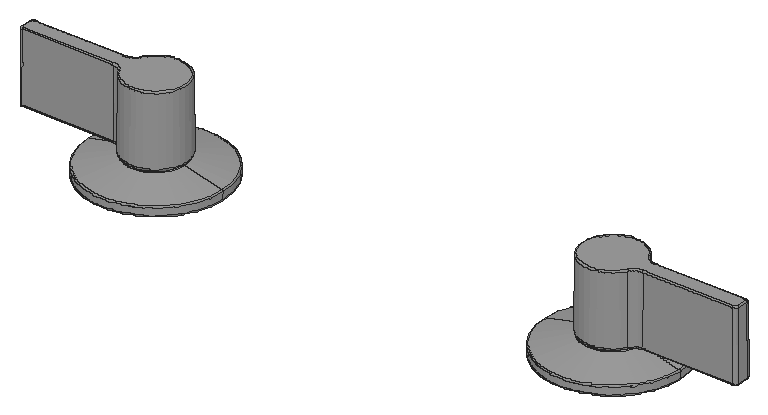
Revit family "Faucet-Handle-KOHLER-COMPONENTS-K-77981T", category Plumbing Fixtures, host Face, Revit 2017 (continued)
Definition of nested family "K-77981T"
  Lines and regions (in)
    symbolic lines, visible <- "T77981_9", detail levels medium+fine
      curve 125: spline (0, 1.33627, 1.71103) -> (0, 1.33073, 1.71252) -> (0, 1.32518, 1.71374) -> (0, 1.31963, 1.71469) -> (0, 1.31407, 1.71537) -> (0, 1.30851, 1.71578) -> (0, 1.30295, 1.71592) -> (0, 1.29739, 1.71578) -> (0, 1.29183, 1.71537) -> (0, 1.28628, 1.71469) -> (0, 1.28072, 1.71374) -> (0, 1.27518, 1.71252) -> (0, 1.26963, 1.71103)
      curve 126: spline (0, 1.26963, 1.71103) -> (0, 1.26149, 1.71252) -> (0, 1.25334, 1.71374) -> (0, 1.24518, 1.71469) -> (0, 1.23702, 1.71537) -> (0, 1.22885, 1.71578) -> (0, 1.22068, 1.71592) -> (0, 1.21252, 1.71578) -> (0, 1.20435, 1.71537) -> (0, 1.19618, 1.71469) -> (0, 1.18803, 1.71374) -> (0, 1.17988, 1.71252) -> (0, 1.17173, 1.71103)
      curve 127: spline (0, 1.17173, 1.71103) -> (0, 1.16119, 1.71252) -> (0, 1.15064, 1.71374) -> (0, 1.14008, 1.71469) -> (0, 1.12951, 1.71537) -> (0, 1.11893, 1.71578) -> (0, 1.10836, 1.71592) -> (0, 1.09778, 1.71578) -> (0, 1.08721, 1.71537) -> (0, 1.07664, 1.71469) -> (0, 1.06608, 1.71374) -> (0, 1.05552, 1.71252) -> (0, 1.04498, 1.71103)
      curve 128: spline (0, 1.04498, 1.71103) -> (0, 1.0323, 1.71252) -> (0, 1.01961, 1.71374) -> (0, 1.0069, 1.71469) -> (0, 0.99419, 1.71537) -> (0, 0.98146, 1.71578) -> (0, 0.96874, 1.71592) -> (0, 0.95602, 1.71578) -> (0, 0.9433, 1.71537) -> (0, 0.93058, 1.71469) -> (0, 0.91787, 1.71374) -> (0, 0.90518, 1.71252) -> (0, 0.8925, 1.71103)
      curve 129: spline (0, 0.8925, 1.71103) -> (0, 0.87799, 1.71252) -> (0, 0.86347, 1.71374) -> (0, 0.84893, 1.71469) -> (0, 0.83438, 1.71537) -> (0, 0.81983, 1.71578) -> (0, 0.80527, 1.71592) -> (0, 0.79071, 1.71578) -> (0, 0.77616, 1.71537) -> (0, 0.76161, 1.71469) -> (0, 0.74707, 1.71374) -> (0, 0.73255, 1.71252) -> (0, 0.71804, 1.71103)
      curve 130: spline (0, 0.71804, 1.71103) -> (0, 0.70206, 1.71252) -> (0, 0.68607, 1.71374) -> (0, 0.67005, 1.71469) -> (0, 0.65403, 1.71537) -> (0, 0.638, 1.71578) -> (0, 0.62197, 1.71592) -> (0, 0.60594, 1.71578) -> (0, 0.58991, 1.71537) -> (0, 0.57389, 1.71469) -> (0, 0.55787, 1.71374) -> (0, 0.54188, 1.71252) -> (0, 0.5259, 1.71103)
      curve 131: spline (0, 0.5259, 1.71103) -> (0, 0.50884, 1.71252) -> (0, 0.49177, 1.71374) -> (0, 0.47468, 1.71469) -> (0, 0.45758, 1.71537) -> (0, 0.44047, 1.71578) -> (0, 0.42336, 1.71592) -> (0, 0.40624, 1.71578) -> (0, 0.38913, 1.71537) -> (0, 0.37203, 1.71469) -> (0, 0.35494, 1.71374) -> (0, 0.33787, 1.71252) -> (0, 0.32081, 1.71103)
      curve 132: spline (0, 0.32081, 1.71103) -> (0, 0.3031, 1.71252) -> (0, 0.28537, 1.71374) -> (0, 0.26762, 1.71469) -> (0, 0.24986, 1.71537) -> (0, 0.23209, 1.71578) -> (0, 0.21432, 1.71592) -> (0, 0.19654, 1.71578) -> (0, 0.17877, 1.71537) -> (0, 0.16101, 1.71469) -> (0, 0.14327, 1.71374) -> (0, 0.12553, 1.71252) -> (0, 0.10782, 1.71103)
      curve 133: arc (0, 0.10782, 1.71103) -> (0, 0.05397, 1.7148) -> (0, 0, 1.71592) r 1.09873
      curve 134: line (0, 1.33627, 1.71103) -> (0, 1.33627, 1.19793)
      curve 135: line (0, 1.26963, 1.19793) -> (0, 1.26963, 1.71103)
      curve 136: line (0, 1.17173, 1.19793) -> (0, 1.17173, 1.71103)
      curve 137: line (0, 1.04498, 1.19793) -> (0, 1.04498, 1.71103)
      curve 138: line (0, 0.8925, 1.19793) -> (0, 0.8925, 1.71103)
      curve 139: line (0, 0.71804, 1.19793) -> (0, 0.71804, 1.71103)
      curve 140: line (0, 0.5259, 1.19793) -> (0, 0.5259, 1.71103)
      curve 141: line (0, 0.32081, 1.19793) -> (0, 0.32081, 1.71103)
      curve 142: line (0, 0.10782, 1.19793) -> (0, 0.10782, 1.71103)
      curve 143: line (0, -0.10782, 1.19793) -> (0, -0.10782, 1.71103)
      curve 144: line (0, -0.32081, 1.19793) -> (0, -0.32081, 1.71103)
      curve 145: line (0, -0.5259, 1.19793) -> (0, -0.5259, 1.71103)
      curve 146: line (0, -0.71804, 1.19793) -> (0, -0.71804, 1.71103)
      curve 147: line (0, -0.8925, 1.19793) -> (0, -0.8925, 1.71103)
      curve 148: line (0, -1.04498, 1.19793) -> (0, -1.04498, 1.71103)
      curve 149: line (0, -1.17173, 1.19793) -> (0, -1.17173, 1.71103)
      curve 150: line (0, -1.26963, 1.19793) -> (0, -1.26963, 1.71103)
      curve 151: line (0, -1.33627, 1.19793) -> (0, -1.33627, 1.71103)
      curve 152: spline (0, -1.37001, 1.71103) -> (0, -1.3672, 1.71252) -> (0, -1.36439, 1.71374) -> (0, -1.36158, 1.71469) -> (0, -1.35877, 1.71537) -> (0, -1.35595, 1.71578) -> (0, -1.35314, 1.71592) -> (0, -1.35032, 1.71578) -> (0, -1.34751, 1.71537) -> (0, -1.3447, 1.71469) -> (0, -1.34189, 1.71374) -> (0, -1.33908, 1.71252) -> (0, -1.33627, 1.71103)
      curve 153: spline (0, -1.33627, 1.71103) -> (0, -1.33073, 1.71252) -> (0, -1.32518, 1.71374) -> (0, -1.31963, 1.71469) -> (0, -1.31407, 1.71537) -> (0, -1.30851, 1.71578) -> (0, -1.30295, 1.71592) -> (0, -1.29739, 1.71578) -> (0, -1.29183, 1.71537) -> (0, -1.28628, 1.71469) -> (0, -1.28072, 1.71374) -> (0, -1.27518, 1.71252) -> (0, -1.26963, 1.71103)
      curve 154: spline (0, -1.26963, 1.71103) -> (0, -1.26149, 1.71252) -> (0, -1.25334, 1.71374) -> (0, -1.24518, 1.71469) -> (0, -1.23702, 1.71537) -> (0, -1.22885, 1.71578) -> (0, -1.22068, 1.71592) -> (0, -1.21252, 1.71578) -> (0, -1.20435, 1.71537) -> (0, -1.19618, 1.71469) -> (0, -1.18803, 1.71374) -> (0, -1.17988, 1.71252) -> (0, -1.17173, 1.71103)
      curve 155: spline (0, -1.17173, 1.71103) -> (0, -1.16119, 1.71252) -> (0, -1.15064, 1.71374) -> (0, -1.14008, 1.71469) -> (0, -1.12951, 1.71537) -> (0, -1.11893, 1.71578) -> (0, -1.10836, 1.71592) -> (0, -1.09778, 1.71578) -> (0, -1.08721, 1.71537) -> (0, -1.07664, 1.71469) -> (0, -1.06608, 1.71374) -> (0, -1.05552, 1.71252) -> (0, -1.04498, 1.71103)
      curve 156: spline (0, -1.04498, 1.71103) -> (0, -1.0323, 1.71252) -> (0, -1.01961, 1.71374) -> (0, -1.0069, 1.71469) -> (0, -0.99419, 1.71537) -> (0, -0.98146, 1.71578) -> (0, -0.96874, 1.71592) -> (0, -0.95602, 1.71578) -> (0, -0.9433, 1.71537) -> (0, -0.93058, 1.71469) -> (0, -0.91787, 1.71374) -> (0, -0.90518, 1.71252) -> (0, -0.8925, 1.71103)
      curve 157: spline (0, -0.8925, 1.71103) -> (0, -0.87799, 1.71252) -> (0, -0.86347, 1.71374) -> (0, -0.84893, 1.71469) -> (0, -0.83438, 1.71537) -> (0, -0.81983, 1.71578) -> (0, -0.80527, 1.71592) -> (0, -0.79071, 1.71578) -> (0, -0.77616, 1.71537) -> (0, -0.76161, 1.71469) -> (0, -0.74707, 1.71374) -> (0, -0.73255, 1.71252) -> (0, -0.71804, 1.71103)
      curve 158: spline (0, -0.71804, 1.71103) -> (0, -0.70206, 1.71252) -> (0, -0.68607, 1.71374) -> (0, -0.67005, 1.71469) -> (0, -0.65403, 1.71537) -> (0, -0.638, 1.71578) -> (0, -0.62197, 1.71592) -> (0, -0.60594, 1.71578) -> (0, -0.58991, 1.71537) -> (0, -0.57389, 1.71469) -> (0, -0.55787, 1.71374) -> (0, -0.54188, 1.71252) -> (0, -0.5259, 1.71103)
      curve 159: spline (0, -0.5259, 1.71103) -> (0, -0.50884, 1.71252) -> (0, -0.49177, 1.71374) -> (0, -0.47468, 1.71469) -> (0, -0.45758, 1.71537) -> (0, -0.44047, 1.71578) -> (0, -0.42336, 1.71592) -> (0, -0.40624, 1.71578) -> (0, -0.38913, 1.71537) -> (0, -0.37203, 1.71469) -> (0, -0.35494, 1.71374) -> (0, -0.33787, 1.71252) -> (0, -0.32081, 1.71103)
      curve 160: spline (0, -0.32081, 1.71103) -> (0, -0.3031, 1.71252) -> (0, -0.28537, 1.71374) -> (0, -0.26762, 1.71469) -> (0, -0.24986, 1.71537) -> (0, -0.23209, 1.71578) -> (0, -0.21432, 1.71592) -> (0, -0.19654, 1.71578) -> (0, -0.17877, 1.71537) -> (0, -0.16101, 1.71469) -> (0, -0.14327, 1.71374) -> (0, -0.12553, 1.71252) -> (0, -0.10782, 1.71103)
      curve 161: arc (0, -0.10782, 1.71103) -> (0, -0.05397, 1.7148) -> (0, 0, 1.71592) r 1.09873
      curve 162: arc (0, 0, 1.19358) -> (0, -0.05396, 1.19457) -> (0, -0.10782, 1.19793) r 1.22587
      curve 163: spline (0, -0.10782, 1.19793) -> (0, -0.12554, 1.1966) -> (0, -0.14328, 1.19551) -> (0, -0.16103, 1.19467) -> (0, -0.17878, 1.19406) -> (0, -0.19655, 1.1937) -> (0, -0.21432, 1.19358) -> (0, -0.23208, 1.1937) -> (0, -0.24985, 1.19406) -> (0, -0.26761, 1.19467) -> (0, -0.28536, 1.19551) -> (0, -0.30309, 1.1966) -> (0, -0.32081, 1.19793)
      curve 164: spline (0, -0.32081, 1.19793) -> (0, -0.33787, 1.1966) -> (0, -0.35495, 1.19551) -> (0, -0.37204, 1.19467) -> (0, -0.38914, 1.19406) -> (0, -0.40625, 1.1937) -> (0, -0.42336, 1.19358) -> (0, -0.44046, 1.1937) -> (0, -0.45757, 1.19406) -> (0, -0.47467, 1.19467) -> (0, -0.49176, 1.19551) -> (0, -0.50884, 1.1966) -> (0, -0.5259, 1.19793)
      curve 165: spline (0, -0.5259, 1.19793) -> (0, -0.54188, 1.1966) -> (0, -0.55788, 1.19551) -> (0, -0.5739, 1.19467) -> (0, -0.58992, 1.19406) -> (0, -0.60594, 1.1937) -> (0, -0.62197, 1.19358) -> (0, -0.638, 1.1937) -> (0, -0.65402, 1.19406) -> (0, -0.67004, 1.19467) -> (0, -0.68606, 1.19551) -> (0, -0.70205, 1.1966) -> (0, -0.71804, 1.19793)
      curve 166: spline (0, -0.71804, 1.19793) -> (0, -0.73255, 1.1966) -> (0, -0.74708, 1.19551) -> (0, -0.76162, 1.19467) -> (0, -0.77616, 1.19406) -> (0, -0.79072, 1.1937) -> (0, -0.80527, 1.19358) -> (0, -0.81982, 1.1937) -> (0, -0.83437, 1.19406) -> (0, -0.84892, 1.19467) -> (0, -0.86346, 1.19551) -> (0, -0.87798, 1.1966) -> (0, -0.8925, 1.19793)
      curve 167: spline (0, -0.8925, 1.19793) -> (0, -0.90518, 1.1966) -> (0, -0.91788, 1.19551) -> (0, -0.93059, 1.19467) -> (0, -0.9433, 1.19406) -> (0, -0.95602, 1.1937) -> (0, -0.96874, 1.19358) -> (0, -0.98146, 1.1937) -> (0, -0.99418, 1.19406) -> (0, -1.00689, 1.19467) -> (0, -1.0196, 1.19551) -> (0, -1.0323, 1.1966) -> (0, -1.04498, 1.19793)
      curve 168: spline (0, -1.04498, 1.19793) -> (0, -1.05553, 1.1966) -> (0, -1.06608, 1.19551) -> (0, -1.07664, 1.19467) -> (0, -1.08721, 1.19406) -> (0, -1.09778, 1.1937) -> (0, -1.10836, 1.19358) -> (0, -1.11893, 1.1937) -> (0, -1.1295, 1.19406) -> (0, -1.14007, 1.19467) -> (0, -1.15063, 1.19551) -> (0, -1.16119, 1.1966) -> (0, -1.17173, 1.19793)
      curve 169: spline (0, -1.17173, 1.19793) -> (0, -1.17988, 1.1966) -> (0, -1.18803, 1.19551) -> (0, -1.19619, 1.19467) -> (0, -1.20435, 1.19406) -> (0, -1.21252, 1.1937) -> (0, -1.22068, 1.19358) -> (0, -1.22885, 1.1937) -> (0, -1.23702, 1.19406) -> (0, -1.24518, 1.19467) -> (0, -1.25334, 1.19551) -> (0, -1.26149, 1.1966) -> (0, -1.26963, 1.19793)
      curve 170: spline (0, -1.26963, 1.19793) -> (0, -1.27518, 1.1966) -> (0, -1.28073, 1.19551) -> (0, -1.28628, 1.19467) -> (0, -1.29184, 1.19406) -> (0, -1.29739, 1.1937) -> (0, -1.30295, 1.19358) -> (0, -1.30851, 1.1937) -> (0, -1.31407, 1.19406) -> (0, -1.31963, 1.19467) -> (0, -1.32518, 1.19551) -> (0, -1.33073, 1.1966) -> (0, -1.33627, 1.19793)
      curve 171: spline (0, -1.33627, 1.19793) -> (0, -1.33908, 1.1966) -> (0, -1.34189, 1.19551) -> (0, -1.3447, 1.19467) -> (0, -1.34751, 1.19406) -> (0, -1.35032, 1.1937) -> (0, -1.35314, 1.19358) -> (0, -1.35595, 1.1937) -> (0, -1.35877, 1.19406) -> (0, -1.36158, 1.19467) -> (0, -1.36439, 1.19551) -> (0, -1.3672, 1.1966) -> (0, -1.37001, 1.19793)
  Dimensions and locks (in)
    aligned and locked: plane 2 to level
Types in the file's own list only (21): name | Type | Ind Handle | Oyl Handle | Lever Handle | Product Page URL | Product Documentation Link | Model | Length | Height | Handle Clearance | Finish | Dist_1 | Dist | Description
  Lever Handle, CP-Polished Chrome | 1 | No | No | Yes | "https://www.kohler.com.cn/product/K-77981T-4-CP/K-77981T-4-CP/" | "https://files.kohler.com.cn/pdfs/1558665144981_1312425-2_A1(77981T).pdf" | "K-77981T-4-CP" | 1 9/16" | 2 3/8" | 2 5/16" | Kohler-Metal-CP-Polished_Chrome | 2 3/8" | 0" | "Double-handle wall outlet basin faucet handle lever type"
  Lever Handle, BN-Roman Silver | 3 | No | No | Yes | "https://www.kohler.com.cn/product/K-77981T-4-CP/K-77981T-4-BN/" | "https://files.kohler.com.cn/pdfs/1558665144981_1312425-2_A1(77981T).pdf" | "K-77981T-4-BN" | 1 9/16" | 2 3/8" | 2 5/16" | Kohler-Metal-BN-Roman_Silver | 2 3/8" | 0" | "Double-handle wall outlet basin faucet handle lever type"
  Lever Handle, 2BL-Original Black | 5 | No | No | Yes | "https://www.kohler.com.cn/product/K-77981T-4-CP/K-77981T-4-2BL/" | "https://files.kohler.com.cn/pdfs/1558665144981_1312425-2_A1(77981T).pdf" | "K-77981T-4-2BL" | 1 9/16" | 2 3/8" | 2 5/16" | Kohler-Metal-2BL-Original_Black | 2 3/8" | 0" | "Double-handle wall outlet basin faucet handle lever type"
  Oyl Handle, CP-Polished Chrome | 8 | No | Yes | No | "https://www.kohler.com.cn/product/K-77981T-8-CP/K-77981T-8-CP/" | "https://files.kohler.com.cn/pdfs/1558665144981_1312425-2_A1(77981T).pdf" | "K-77981T-8-CP" | 1 1/2" | 2 3/8" | 2 3/8" | Kohler-Metal-CP-Polished_Chrome | 0" | 1 3/16" | "Double-handle wall outlet basin faucet handle post type"
  Oyl Handle, BN-Roman Silver | 10 | No | Yes | No | "https://www.kohler.com.cn/product/K-77981T-8-CP/K-77981T-8-BN/" | "https://files.kohler.com.cn/pdfs/1558665144981_1312425-2_A1(77981T).pdf" | "K-77981T-8-BN" | 1 1/2" | 2 3/8" | 2 3/8" | Kohler-Metal-BN-Roman_Silver | 0" | 1 3/16" | "Double-handle wall outlet basin faucet handle post type"
  Oyl Handle, 2BL-Original_Black | 12 | No | Yes | No | "https://www.kohler.com.cn/product/K-77981T-8-CP/K-77981T-8-2BL/" | "https://files.kohler.com.cn/pdfs/1558665144981_1312425-2_A1(77981T).pdf" | "K-77981T-8-2BL" | 1 1/2" | 2 3/8" | 2 3/8" | Kohler-Metal-2BL-Original_Black | 0" | 1 3/16" | "Double-handle wall outlet basin faucet handle post type"
  Industrial Handle, CP-Polished Chrome | 15 | Yes | No | No | "https://www.kohler.com.cn/product/K-77981T-9-CP/K-77981T-9-CP/" | "https://files.kohler.com.cn/pdfs/1558665144981_1312425-2_A1(77981T).pdf" | "K-77981T-9-CP" | 1 3/4" | 2 3/4" | 2 3/4" | Kohler-Metal-CP-Polished_Chrome | 2 3/8" | 1 3/8" | "Double Handle Wall Outlet Basin Faucet Handle-Wheel Type"
  Industrial Handle, BN-Roman Silver | 17 | Yes | No | No | "https://www.kohler.com.cn/product/K-77981T-9-CP/K-77981T-9-BN/" | "https://files.kohler.com.cn/pdfs/1558665144981_1312425-2_A1(77981T).pdf" | "K-77981T-9-BN" | 1 3/4" | 2 3/4" | 2 3/4" | Kohler-Metal-BN-Roman_Silver | 2 3/8" | 1 3/8" | "Double Handle Wall Outlet Basin Faucet Handle-Wheel Type"
  Industrial Handle,2MB-Vibrant Brushed Moderne Brass | 21 | Yes | No | No | "https://www.kohler.com.cn/search.html?queryStr=K-77981T-9-2MB" | "https://files.kohler.com.cn/pdfs/1558665144981_1312425-2_A1(77981T).pdf" | "K-77981T-9-2MB" | 1 3/4" | 2 3/4" | 2 3/4" | Kohler-Metal-2MB-Vibrant_Brushed_Moderne_Brass | 2 3/8" | 1 3/8" | "Double Handle Wall Outlet Basin Faucet Handle-Wheel Type"
  Lever Handle, AF-Flange Gold | 2 | No | No | Yes | "https://www.kohler.com.cn/product/K-77981T-4-CP/K-77981T-4-AF/" | "https://files.kohler.com.cn/pdfs/1558665144981_1312425-2_A1(77981T).pdf" | "K-77981T-4-AF" | 1 9/16" | 2 3/8" | 2 5/16" | Kohler-Metal-AF-Flange_Gold | 2 3/8" | 0" | "Double-handle wall outlet basin faucet handle lever type"
  Lever Handle, RGD-Rose Gold | 4 | No | No | Yes | "https://www.kohler.com.cn/product/K-77981T-4-CP/K-77981T-4-RGD/" | "https://files.kohler.com.cn/pdfs/1558665144981_1312425-2_A1(77981T).pdf" | "K-77981T-4-RGD" | 1 9/16" | 2 3/8" | 2 5/16" | Kohler-Metal-RGD-Rose_Gold | 2 3/8" | 0" | "Double-handle wall outlet basin faucet handle lever type"
  Lever Handle, TT-Titanium Silver | 6 | No | No | Yes | "https://www.kohler.com.cn/product/K-77981T-4-CP/K-77981T-4-TT/" | "https://files.kohler.com.cn/pdfs/1558665144981_1312425-2_A1(77981T).pdf" | "K-77981T-4-TT" | 1 9/16" | 2 3/8" | 2 5/16" | Kohler-Metal-TT-Titanium_Silver | 2 3/8" | 0" | "Double-handle wall outlet basin faucet handle lever type"
  Oyl Handle, AF-Flange Gold | 9 | No | Yes | No | "https://www.kohler.com.cn/product/K-77981T-8-CP/K-77981T-8-AF/" | "https://files.kohler.com.cn/pdfs/1558665144981_1312425-2_A1(77981T).pdf" | "K-77981T-8-AF" | 1 1/2" | 2 3/8" | 2 3/8" | Kohler-Metal-AF-Flange_Gold | 0" | 1 3/16" | "Double-handle wall outlet basin faucet handle post type"
  Oyl Handle, RGD-Rose Gold | 11 | No | Yes | No | "https://www.kohler.com.cn/product/K-77981T-8-CP/K-77981T-8-RGD/" | "https://files.kohler.com.cn/pdfs/1558665144981_1312425-2_A1(77981T).pdf" | "K-77981T-8-RGD" | 1 1/2" | 2 3/8" | 2 3/8" | Kohler-Metal-RGD-Rose_Gold | 0" | 1 3/16" | "Double-handle wall outlet basin faucet handle post type"
  Oyl Handle, TT-Titanium Silver | 13 | No | Yes | No | "https://www.kohler.com.cn/product/K-77981T-8-CP/K-77981T-8-TT/" | "https://files.kohler.com.cn/pdfs/1558665144981_1312425-2_A1(77981T).pdf" | "K-77981T-8-TT" | 1 1/2" | 2 3/8" | 2 3/8" | Kohler-Metal-TT-Titanium_Silver | 0" | 1 3/16" | "Double-handle wall outlet basin faucet handle post type"
  Industrial Handle, AF-Flange Gold | 16 | Yes | No | No | "https://www.kohler.com.cn/product/K-77981T-9-CP/K-77981T-9-AF/" | "https://files.kohler.com.cn/pdfs/1558665144981_1312425-2_A1(77981T).pdf" | "K-77981T-9-AF" | 1 3/4" | 2 3/4" | 2 3/4" | Kohler-Metal-AF-Flange_Gold | 2 3/8" | 1 3/8" | "Double Handle Wall Outlet Basin Faucet Handle-Wheel Type"
  Industrial Handle, RGD-Rose Gold | 18 | Yes | No | No | "https://www.kohler.com.cn/product/K-77981T-9-CP/K-77981T-9-RGD/" | "https://files.kohler.com.cn/pdfs/1558665144981_1312425-2_A1(77981T).pdf" | "K-77981T-9-RGD" | 1 3/4" | 2 3/4" | 2 3/4" | Kohler-Metal-RGD-Rose_Gold | 2 3/8" | 1 3/8" | "Double Handle Wall Outlet Basin Faucet Handle-Wheel Type"
  Industrial Handle, 2BL-Original Black | 19 | Yes | No | No | "https://www.kohler.com.cn/product/K-77981T-9-CP/K-77981T-9-2BL/" | "https://files.kohler.com.cn/pdfs/1558665144981_1312425-2_A1(77981T).pdf" | "K-77981T-9-2BL" | 1 3/4" | 2 3/4" | 2 3/4" | Kohler-Metal-2BL-Original_Black | 2 3/8" | 1 3/8" | "Double Handle Wall Outlet Basin Faucet Handle-Wheel Type"
  Industrial Handle, TT-Titanium Silver | 20 | Yes | No | No | "https://www.kohler.com.cn/product/K-77981T-9-CP/K-77981T-9-TT/" | "https://files.kohler.com.cn/pdfs/1535615864562_1312425-2_A1(77981T).pdf" | "K-77981T-9-TT" | 1 3/4" | 2 3/4" | 2 3/4" | Kohler-Metal-TT-Titanium_Silver | 2 3/8" | 1 3/8" | "Double Handle Wall Outlet Basin Faucet Handle-Wheel Type"
  Lever Handle,2MB-Vibrant Brushed Moderne Brass | 7 | No | No | Yes | "https://www.kohler.com.cn/product/K-77981T-4-CP/K-77981T-4-2MB/" | "https://files.kohler.com.cn/pdfs/1558665144981_1312425-2_A1(77981T).pdf" | "K-77981T-4-2MB" | 1 9/16" | 2 3/8" | 2 5/16" | Kohler-Metal-2MB-Vibrant_Brushed_Moderne_Brass | 2 3/8" | 0" | "Double-handle wall outlet basin faucet handle lever type"
  Oyl Handle,2MB-Vibrant Brushed Moderne Brass | 14 | No | Yes | No | "https://www.kohler.com.cn/product/K-77981T-8-CP/K-77981T-8-2MB/" | "https://files.kohler.com.cn/pdfs/1558665144981_1312425-2_A1(77981T).pdf" | "K-77981T-8-2MB" | 1 1/2" | 2 3/8" | 2 3/8" | Kohler-Metal-2MB-Vibrant_Brushed_Moderne_Brass | 0" | 1 3/16" | "Double-handle wall outlet basin faucet handle post type"
